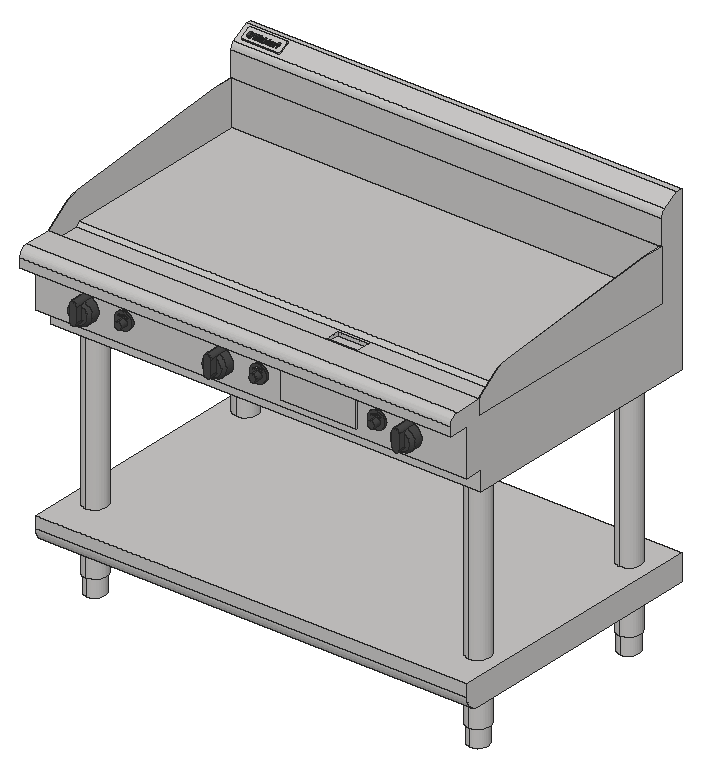
Revit family "QF_MOFFAT WALDORF_GP8120G-LS", category Specialty Equipment, Revit 2012
Parameters
  Width [instance] = 47.24409"  # constant formula
  Weight in Pounds = 432.1055  # constant formula
  URL Cutsheet = "www.moffat.com"
  URL = "www.moffat.com"
  Type Mark [instance] = ""
  Status [instance] = ""
  Specification by User [instance] = ""
  Specification by Manufacturer = ""
  Show Logo [instance] = yes
  Show Casters [instance] = no
  Serial Number = ""
  Seismic Rating = ""
  SMACNA No = ""
  Revision Code [instance] = ""
  Omniclass Number and Title = ""
  NAFEM Spec ID Number = ""
  Model = "GP8120G-LS"
  Mechanical Remarks [instance] = ""
  Mechanical Connection Type [instance] = ""
  Masterspec = ""
  Manufacturer = "MOFFAT WALDORF"
  Legs [instance] = not(Show Casters)  # yes
  Item Number [instance] = ""
  Installed By [instance] = ""
  Identify Quantity as Lot [instance] = yes
  Height [instance] = 20.86614"  # constant formula
  Gas Size = 3/4"
  Gas RI Height [instance] = 0"
  Gas KW [instance] = 30
  Gas Input [instance] = 102364.0 Btu/h
  Gas Connection Height = 0"
  Furnished By [instance] = ""
  Foodservice Equipment Identifier [instance] = yes
  Description = "GRIDDLE PLATE GAS ON LEG STAND"
  Depth [instance] = 31.69291"  # constant formula
  CSI MasterFormat = ""
  CSI Master Format = ""
  Base Height [instance] = 5.90551"
Reference planes (in)
  plane 1 "BACK": y = 0
  plane 2: z = 0
  plane 3 "LEFT": x = 0
  plane 4 "RIGHT": x = 47.24409
  plane 5 "FRONT": y = -31.69291
  plane 6 "TOP": z = 44.48819
  plane 7 "Center Y": x = 23.62205
  plane 8 "Center X": y = -15.84646
  plane 9 "Base Height": z = 5.90551
  plane 10: x = 2.55906
  plane 11: x = 44.64567
  plane 12: z = 36.02362
  plane 13: z = 25.7874
  plane 14: x = 42.12598
Forms (in)
  Extrusion 1, solid, material "QF_Finishes_Stainless Steel"
    sketch origin (0, 0, 0) x (0, 1, 0) y (0, 0, 1)
      loop
        line (-31.69291, 35.07874) -> (-31.69291, 34.09449) -> (-29.48819, 34.09449) -> (-29.48819, 28.93701) -> (-27.51969, 28.93701) -> (-27.51969, 26.77165) -> (0, 26.77165) -> (0, 44.48819) -> (-0.64961, 44.48819) -> (-2.31138, 43.52877)
        arc (-2.31138, 43.52877) -> (-2.63679, 43.20335) -> (-2.75591, 42.75882) r 0.88906
        line (-2.75591, 42.75882) -> (-2.75591, 34.44882) -> (-27.75591, 34.44882) -> (-27.75591, 36.02362) -> (-30.74803, 36.02362)
        arc (-30.74803, 36.02362) -> (-31.41616, 35.74687) -> (-31.69291, 35.07874) r 0.94488
      loop
        line (0, 8.75984) -> (-29.48819, 8.75984) -> (-29.48819, 7.40157)
        arc (-29.48819, 7.40157) -> (-29.05, 6.3437) -> (-27.99213, 5.90551) r 1.49606
        line (-27.99213, 5.90551) -> (0, 5.90551) -> (0, 8.75984)
    from 0 to 47.24409
  Extrusion 2, solid, material "QF_Finishes_Stainless Steel"
    sketch origin (27.80512, 0.11811, 1.1811) x (1, 0, 0) y (0, 1, 0)
      loop
        circle (14.33071, -1.37795) r 0.5315
    from 24.6063 to 25.59055
  Revolve 3, solid, material "QF_Finishes_Black"
    sketch origin (5.90551, 0, 20.86116) x (0, 1, 0) y (0, 0, -1)
      loop
        line (-30.7874, -11.79134) -> (-29.88189, -11.79134) -> (-29.88189, -10.70866) -> (-29.48819, -10.70866) -> (-29.48819, -10.51181) -> (-31.22047, -10.51181) -> (-31.22047, -11.56107) -> (-30.7874, -11.79134)
      axis (-31.22047, -10.51181) -> (-29.48819, -10.51181)
    angle from 0 to 360
  Extrusion 4, solid, material "QF_Finishes_Black"
    sketch origin (11.34919, 0, 20.86737) x (-1, 0, 0) y (0, 0, -1)
      loop
        arc (5.83735, -10.03814) -> (5.44365, -9.64444) -> (5.04995, -10.03814) r 0.3937
        line (5.04995, -10.03814) -> (5.04995, -11.57357)
        arc (5.04995, -11.57357) -> (5.44365, -11.96727) -> (5.83735, -11.57357) r 0.3937
        line (5.83735, -11.57357) -> (5.83735, -10.03814)
    from 29.88189 to 31.81102
  Extrusion 5, solid, material "QF_Finishes_Stainless Steel"
    sketch origin (1.68504, -29.48819, 34.09449) x (0, 0, -1) y (1, 0, 0)
      loop
        line (1.04331, 25.19685) -> (4.4685, 25.19685) -> (4.4685, 33.46457) -> (1.04331, 33.46457) -> (1.04331, 25.19685)
    from 0 to 0.09843
  Extrusion 6, solid, material "QF_Finishes_Stainless Steel"
    sketch origin (1.68504, -29.58661, 34.09449) x (0, 0, -1) y (1, 0, 0)
      loop
        line (1.3189, 33.46457) -> (1.04331, 33.46457) -> (1.04331, 25.19685) -> (1.3189, 25.19685) -> (1.3189, 33.46457)
    from 0 to 0.19685
  Extrusion 7, solid, material "QF_Finishes_Black"
    sketch origin (0, -29.48819, 34.09449) x (0, 0, -1) y (1, 0, 0)
      loop
        circle (2.70669, 9.74409) r 0.94488
      loop
        arc (2.31694, 10.33124) -> (2.00055, 9.749) -> (2.30836, 9.16218) r 0.70345
        arc (2.30836, 9.16218) -> (2.32725, 9.15095) -> (2.34753, 9.15943) r 0.02445
        arc (2.34753, 9.15943) -> (2.40409, 9.26016) -> (2.41764, 9.37489) r 0.29507
        arc (2.41764, 9.37489) -> (2.4096, 9.41142) -> (2.39196, 9.44439) r 0.1367
        arc (2.39196, 9.44439) -> (2.30175, 9.73823) -> (2.38559, 10.03395) r 0.54277
        arc (2.38559, 10.03395) -> (2.41079, 10.08392) -> (2.42122, 10.13891) r 0.20083
        arc (2.42122, 10.13891) -> (2.40663, 10.23806) -> (2.35565, 10.32436) r 0.26029
        arc (2.35565, 10.32436) -> (2.33749, 10.33451) -> (2.31694, 10.33124) r 0.03175
    from 0 to 0.19685
  Extrusion 8, solid, material "QF_Finishes_Black"
    sketch origin (0, -29.68504, 34.09449) x (0, 0, -1) y (1, 0, 0)
      loop
        circle (2.84449, 9.74409) r 0.3937
    from 0 to 0.71853
  Revolve 9, solid, material "QF_Finishes_Black"
    sketch origin (41.33858, 0, 20.86116) x (0, 1, 0) y (0, 0, 1)
      loop
        line (-30.7874, 11.79134) -> (-31.22047, 11.56107) -> (-31.22047, 10.51181) -> (-29.48819, 10.51181) -> (-29.48819, 10.70866) -> (-29.88189, 10.70866) -> (-29.88189, 11.79134) -> (-30.7874, 11.79134)
      axis (-31.22047, 10.51181) -> (-29.48819, 10.51181)
    angle from 0 to 360
  Extrusion 10, solid, material "QF_Finishes_Black"
    sketch origin (35.8949, 0, 20.86737) x (1, 0, 0) y (0, 0, 1)
      loop
        line (5.83735, 10.03814) -> (5.83735, 11.57357)
        arc (5.83735, 11.57357) -> (5.44365, 11.96727) -> (5.04995, 11.57357) r 0.3937
        line (5.04995, 11.57357) -> (5.04995, 10.03814)
        arc (5.04995, 10.03814) -> (5.44365, 9.64444) -> (5.83735, 10.03814) r 0.3937
    from 29.88189 to 31.81102
  Extrusion 11, solid, material "QF_Finishes_Black"
    sketch origin (47.24409, -29.48819, 34.09449) x (0, 0, -1) y (1, 0, 0)
      loop
        circle (2.70669, -9.74409) r 0.94488
      loop
        arc (2.31694, -10.33124) -> (2.33749, -10.33451) -> (2.35565, -10.32436) r 0.03175
        arc (2.35565, -10.32436) -> (2.40663, -10.23806) -> (2.42122, -10.13891) r 0.26029
        arc (2.42122, -10.13891) -> (2.41079, -10.08392) -> (2.38559, -10.03395) r 0.20083
        arc (2.38559, -10.03395) -> (2.30175, -9.73823) -> (2.39196, -9.44439) r 0.54277
        arc (2.39196, -9.44439) -> (2.4096, -9.41142) -> (2.41764, -9.37489) r 0.1367
        arc (2.41764, -9.37489) -> (2.40409, -9.26016) -> (2.34753, -9.15943) r 0.29507
        arc (2.34753, -9.15943) -> (2.32725, -9.15095) -> (2.30836, -9.16218) r 0.02445
        arc (2.30836, -9.16218) -> (2.00055, -9.749) -> (2.31694, -10.33124) r 0.70345
    from 0 to 0.19685
  Extrusion 12, solid, material "QF_Finishes_Black"
    sketch origin (47.24409, -29.68504, 34.09449) x (0, 0, -1) y (1, 0, 0)
      loop
        circle (2.84449, -9.74409) r 0.3937
    from 0 to 0.71853
  Revolve 13, solid, material "QF_Finishes_Black"
    sketch origin (20.66929, 0, 20.86116) x (0, 1, 0) y (0, 0, -1)
      loop
        line (-30.7874, -11.79134) -> (-29.88189, -11.79134) -> (-29.88189, -10.70866) -> (-29.48819, -10.70866) -> (-29.48819, -10.51181) -> (-31.22047, -10.51181) -> (-31.22047, -11.56107) -> (-30.7874, -11.79134)
      axis (-31.22047, -10.51181) -> (-29.48819, -10.51181)
    angle from 0 to 360
  Extrusion 14, solid, material "QF_Finishes_Black"
    sketch origin (26.11297, 0, 20.86737) x (-1, 0, 0) y (0, 0, -1)
      loop
        arc (5.83735, -10.03814) -> (5.44365, -9.64444) -> (5.04995, -10.03814) r 0.3937
        line (5.04995, -10.03814) -> (5.04995, -11.57357)
        arc (5.04995, -11.57357) -> (5.44365, -11.96727) -> (5.83735, -11.57357) r 0.3937
        line (5.83735, -11.57357) -> (5.83735, -10.03814)
    from 29.88189 to 31.81102
  Extrusion 15, solid, material "QF_Finishes_Black"
    sketch origin (14.76378, -29.48819, 34.09449) x (0, 0, -1) y (1, 0, 0)
      loop
        circle (2.70669, 9.74409) r 0.94488
      loop
        arc (2.31694, 10.33124) -> (2.00055, 9.749) -> (2.30836, 9.16218) r 0.70345
        arc (2.30836, 9.16218) -> (2.32725, 9.15095) -> (2.34753, 9.15943) r 0.02445
        arc (2.34753, 9.15943) -> (2.40409, 9.26016) -> (2.41764, 9.37489) r 0.29507
        arc (2.41764, 9.37489) -> (2.4096, 9.41142) -> (2.39196, 9.44439) r 0.1367
        arc (2.39196, 9.44439) -> (2.30175, 9.73823) -> (2.38559, 10.03395) r 0.54277
        arc (2.38559, 10.03395) -> (2.41079, 10.08392) -> (2.42122, 10.13891) r 0.20083
        arc (2.42122, 10.13891) -> (2.40663, 10.23806) -> (2.35565, 10.32436) r 0.26029
        arc (2.35565, 10.32436) -> (2.33749, 10.33451) -> (2.31694, 10.33124) r 0.03175
    from 0 to 0.19685
  Extrusion 16, solid, material "QF_Finishes_Black"
    sketch origin (14.76378, -29.68504, 34.09449) x (0, 0, -1) y (1, 0, 0)
      loop
        circle (2.84449, 9.74409) r 0.3937
    from 0 to 0.71853
  Revolve 17, solid, material "QF_Finishes_Stainless Steel", visible <- "Legs"
    sketch origin (44.6063, -8.26772, 0) x (0, 1, 0) y (0, 0, -1)
      loop
        line (3.08071, -5.90551) -> (4.33071, -5.90551) -> (4.33071, 0) -> (3.24803, 0) -> (3.24803, -1.9685) -> (3.08071, -1.9685) -> (3.08071, -5.90551)
      axis (4.33071, -5.90551) -> (4.33071, 0)
    angle from 0 to 360
  Revolve 18, solid, material "QF_Finishes_Stainless Steel"
    sketch origin (44.6063, -28.93701, 0) x (0, 1, 0) y (0, 0, -1)
      loop
        line (3.08071, -5.90551) -> (4.33071, -5.90551) -> (4.33071, 0) -> (3.24803, 0) -> (3.24803, -1.9685) -> (3.08071, -1.9685) -> (3.08071, -5.90551)
      axis (4.33071, -5.90551) -> (4.33071, 0)
    angle from 0 to 360
  Revolve 19, solid, material "QF_Finishes_Stainless Steel", visible <- "Legs"
    sketch origin (2.55906, -8.26772, 0) x (0, 1, 0) y (0, 0, -1)
      loop
        line (3.08071, -5.90551) -> (4.33071, -5.90551) -> (4.33071, 0) -> (3.24803, 0) -> (3.24803, -1.9685) -> (3.08071, -1.9685) -> (3.08071, -5.90551)
      axis (4.33071, -5.90551) -> (4.33071, 0)
    angle from 0 to 360
  Revolve 20, solid, material "QF_Finishes_Stainless Steel"
    sketch origin (2.55906, -28.93701, 0) x (0, 1, 0) y (0, 0, -1)
      loop
        line (3.08071, -5.90551) -> (4.33071, -5.90551) -> (4.33071, 0) -> (3.24803, 0) -> (3.24803, -1.9685) -> (3.08071, -1.9685) -> (3.08071, -5.90551)
      axis (4.33071, -5.90551) -> (4.33071, 0)
    angle from 0 to 360
  Extrusion 21, solid, material "QF_Finishes_Stainless Steel"
    sketch origin (0, -27.51969, 8.75984) x (0, -1, 0) y (1, 0, 0)
      loop
        circle (-23.58268, 2.55906) r 1.25
      loop
        circle (-2.91339, 2.55906) r 1.25
      loop
        circle (-23.58268, 44.61122) r 1.25
      loop
        circle (-2.91339, 44.59892) r 1.25
    from 0 to 18.01181
Lines and regions (in)
  Split face 1
    outline origin (1.93159, -0.77746, 44.41437) x (0, -0.866025, -0.5) y (1, 0, 0)
      loop
        line (0.0562, 4.15354) -> (1.41087, 4.15354) -> (1.41087, 4.94094) -> (0.0562, 4.94094) -> (0.0562, 4.15354)
  Split face 2
    outline origin (3.9001, -0.77746, 44.41437) x (0, -0.866025, -0.5) y (1, 0, 0)
      loop
        line (0.0562, 4.15354) -> (1.41087, 4.15354) -> (1.41087, 4.94094) -> (0.0562, 4.94094) -> (0.0562, 4.15354)
  Split face 3
    outline origin (5.8686, -0.77746, 44.41437) x (0, -0.866025, -0.5) y (1, 0, 0)
      loop
        line (0.0562, 4.15354) -> (1.41087, 4.15354) -> (1.41087, 4.94094) -> (0.0562, 4.94094) -> (0.0562, 4.15354)
  Split face 4
    outline origin (7.83711, -0.77746, 44.41437) x (0, -0.866025, -0.5) y (1, 0, 0)
      loop
        line (0.0562, 4.15354) -> (1.41087, 4.15354) -> (1.41087, 4.94094) -> (0.0562, 4.94094) -> (0.0562, 4.15354)
  Split face 5
    outline origin (9.80561, -0.77746, 44.41437) x (0, -0.866025, -0.5) y (1, 0, 0)
      loop
        line (0.0562, 4.15354) -> (1.41087, 4.15354) -> (1.41087, 4.94094) -> (0.0562, 4.94094) -> (0.0562, 4.15354)
  Split face 6
    outline origin (11.77411, -0.77746, 44.41437) x (0, -0.866025, -0.5) y (1, 0, 0)
      loop
        line (0.0562, 4.15354) -> (1.41087, 4.15354) -> (1.41087, 4.94094) -> (0.0562, 4.94094) -> (0.0562, 4.15354)
  Split face 7
    outline origin (2.03002, -0.77746, 44.41437) x (0, -0.866025, -0.5) y (1, 0, 0)
      loop
        line (0.0562, 15.96457) -> (1.41087, 15.96457) -> (1.41087, 16.75197) -> (0.0562, 16.75197) -> (0.0562, 15.96457)
  Split face 8
    outline origin (3.99852, -0.77746, 44.41437) x (0, -0.866025, -0.5) y (1, 0, 0)
      loop
        line (0.0562, 15.96457) -> (1.41087, 15.96457) -> (1.41087, 16.75197) -> (0.0562, 16.75197) -> (0.0562, 15.96457)
  Split face 9
    outline origin (5.96703, -0.77746, 44.41437) x (0, -0.866025, -0.5) y (1, 0, 0)
      loop
        line (0.0562, 15.96457) -> (1.41087, 15.96457) -> (1.41087, 16.75197) -> (0.0562, 16.75197) -> (0.0562, 15.96457)
  Split face 10
    outline origin (7.93553, -0.77746, 44.41437) x (0, -0.866025, -0.5) y (1, 0, 0)
      loop
        line (0.0562, 15.96457) -> (1.41087, 15.96457) -> (1.41087, 16.75197) -> (0.0562, 16.75197) -> (0.0562, 15.96457)
  Split face 11
    outline origin (9.90404, -0.77746, 44.41437) x (0, -0.866025, -0.5) y (1, 0, 0)
      loop
        line (0.0562, 15.96457) -> (1.41087, 15.96457) -> (1.41087, 16.75197) -> (0.0562, 16.75197) -> (0.0562, 15.96457)
  Split face 12
    outline origin (11.87254, -0.77746, 44.41437) x (0, -0.866025, -0.5) y (1, 0, 0)
      loop
        line (0.0562, 15.96457) -> (1.41087, 15.96457) -> (1.41087, 16.75197) -> (0.0562, 16.75197) -> (0.0562, 15.96457)
  Split face 13
    outline origin (13.84104, -0.77746, 44.41437) x (0, -0.866025, -0.5) y (1, 0, 0)
      loop
        line (0.0562, 15.96457) -> (1.41087, 15.96457) -> (1.41087, 16.75197) -> (0.0562, 16.75197) -> (0.0562, 15.96457)
  Split face 14
    outline origin (15.83899, -0.77746, 44.41437) x (0, -0.866025, -0.5) y (1, 0, 0)
      loop
        line (0.0562, 15.96457) -> (1.41087, 15.96457) -> (1.41087, 16.75197) -> (0.0562, 16.75197) -> (0.0562, 15.96457)
  Split face 15
    outline origin (17.8075, -0.77746, 44.41437) x (0, -0.866025, -0.5) y (1, 0, 0)
      loop
        line (0.0562, 15.96457) -> (1.41087, 15.96457) -> (1.41087, 16.75197) -> (0.0562, 16.75197) -> (0.0562, 15.96457)
  symbolic lines, visible <- "Show Logo"
    curve 1: line (0.49213, -2.04962, 0) -> (0.49213, -0.83067, 0)
    curve 2: line (4.78346, -0.83067, 0) -> (4.78346, -2.04962, 0)
    curve 3: line (0.49213, -0.83067, 0) -> (4.78346, -0.83067, 0)
    curve 4: line (0.49213, -2.04962, 0) -> (4.78346, -2.04962, 0)
  symbolic lines
    curve 5: line (6.08514, -1.99931, 0) -> (6.08514, -0.82613, 0)
    curve 6: line (6.08514, -0.82613, 0) -> (6.87254, -0.82613, 0)
    curve 7: line (6.87254, -0.82613, 0) -> (6.87254, -1.99931, 0)
    curve 8: line (6.87254, -1.99931, 0) -> (6.08514, -1.99931, 0)
    curve 9: line (8.05364, -0.82613, 0) -> (8.05364, -1.99931, 0)
    curve 10: line (8.05364, -1.99931, 0) -> (8.84104, -1.99931, 0)
    curve 11: line (8.84104, -1.99931, 0) -> (8.84104, -0.82613, 0)
    curve 12: line (8.84104, -0.82613, 0) -> (8.05364, -0.82613, 0)
    curve 13: line (10.02215, -0.82613, 0) -> (10.02215, -1.99931, 0)
    curve 14: line (10.02215, -1.99931, 0) -> (10.80955, -1.99931, 0)
    curve 15: line (10.80955, -1.99931, 0) -> (10.80955, -0.82613, 0)
    curve 16: line (10.80955, -0.82613, 0) -> (10.02215, -0.82613, 0)
    curve 17: line (0, -31.69291, 0) -> (47.24409, -31.69291, 0)
    curve 18: line (0, 0, 0) -> (0, -31.69291, 0)
    curve 19: line (47.24409, 0, 0) -> (0, 0, 0)
    curve 20: line (0, -2.75591, 0) -> (47.24409, -2.75591, 0)
    curve 21: line (47.24409, -27.75591, 0) -> (0, -27.75591, 0)
    curve 22: line (11.99065, -0.82613, 0) -> (11.99065, -1.99931, 0)
    curve 23: line (11.99065, -1.99931, 0) -> (12.77805, -1.99931, 0)
    curve 24: line (12.77805, -1.99931, 0) -> (12.77805, -0.82613, 0)
    curve 25: line (12.77805, -0.82613, 0) -> (11.99065, -0.82613, 0)
    curve 26: line (13.95915, -0.82613, 0) -> (13.95915, -1.99931, 0)
    curve 27: line (13.95915, -1.99931, 0) -> (14.74656, -1.99931, 0)
    curve 28: line (14.74656, -1.99931, 0) -> (14.74656, -0.82613, 0)
    curve 29: line (14.74656, -0.82613, 0) -> (13.95915, -0.82613, 0)
    curve 30: line (15.92766, -0.82613, 0) -> (15.92766, -1.99931, 0)
    curve 31: line (15.92766, -1.99931, 0) -> (16.71506, -1.99931, 0)
    curve 32: line (16.71506, -1.99931, 0) -> (16.71506, -0.82613, 0)
    curve 33: line (16.71506, -0.82613, 0) -> (15.92766, -0.82613, 0)
    curve 34: line (17.99459, -0.82613, 0) -> (17.99459, -1.99931, 0)
    curve 35: line (17.99459, -1.99931, 0) -> (18.78199, -1.99931, 0)
    curve 36: line (18.78199, -1.99931, 0) -> (18.78199, -0.82613, 0)
    curve 37: line (18.78199, -0.82613, 0) -> (17.99459, -0.82613, 0)
    curve 38: line (19.96309, -0.82613, 0) -> (19.96309, -1.99931, 0)
    curve 39: line (19.96309, -1.99931, 0) -> (20.75049, -1.99931, 0)
    curve 40: line (20.75049, -1.99931, 0) -> (20.75049, -0.82613, 0)
    curve 41: line (20.75049, -0.82613, 0) -> (19.96309, -0.82613, 0)
    curve 42: line (21.93159, -1.99931, 0) -> (22.719, -1.99931, 0)
    curve 43: line (22.719, -1.99931, 0) -> (22.719, -0.82613, 0)
    curve 44: line (22.719, -0.82613, 0) -> (21.93159, -0.82613, 0)
    curve 45: line (21.93159, -0.82613, 0) -> (21.93159, -1.99931, 0)
    curve 46: line (23.9001, -1.99931, 0) -> (24.6875, -1.99931, 0)
    curve 47: line (24.6875, -1.99931, 0) -> (24.6875, -0.82613, 0)
    curve 48: line (24.6875, -0.82613, 0) -> (23.9001, -0.82613, 0)
    curve 49: line (23.9001, -0.82613, 0) -> (23.9001, -1.99931, 0)
    curve 50: line (26.656, -1.99931, 0) -> (25.8686, -1.99931, 0)
    curve 51: line (25.8686, -1.99931, 0) -> (25.8686, -0.82613, 0)
    curve 52: line (25.8686, -0.82613, 0) -> (26.656, -0.82613, 0)
    curve 53: line (26.656, -0.82613, 0) -> (26.656, -1.99931, 0)
    curve 54: line (27.83711, -1.99931, 0) -> (28.62451, -1.99931, 0)
    curve 55: line (28.62451, -1.99931, 0) -> (28.62451, -0.82613, 0)
    curve 56: line (28.62451, -0.82613, 0) -> (27.83711, -0.82613, 0)
    curve 57: line (27.83711, -0.82613, 0) -> (27.83711, -1.99931, 0)
    curve 58: line (29.80561, -1.99931, 0) -> (30.59301, -1.99931, 0)
    curve 59: line (30.59301, -1.99931, 0) -> (30.59301, -0.82613, 0)
    curve 60: line (30.59301, -0.82613, 0) -> (29.80561, -0.82613, 0)
    curve 61: line (29.80561, -0.82613, 0) -> (29.80561, -1.99931, 0)
    curve 62: line (31.80356, -1.99931, 0) -> (32.59096, -1.99931, 0)
    curve 63: line (32.59096, -1.99931, 0) -> (32.59096, -0.82613, 0)
    curve 64: line (32.59096, -0.82613, 0) -> (31.80356, -0.82613, 0)
    curve 65: line (31.80356, -0.82613, 0) -> (31.80356, -1.99931, 0)
    curve 66: line (33.77207, -1.99931, 0) -> (34.55947, -1.99931, 0)
    curve 67: line (34.55947, -1.99931, 0) -> (34.55947, -0.82613, 0)
    curve 68: line (34.55947, -0.82613, 0) -> (33.77207, -0.82613, 0)
    curve 69: line (33.77207, -0.82613, 0) -> (33.77207, -1.99931, 0)
    curve 70: line (47.24409, -31.69291, 0) -> (47.24409, 0, 0)
Dimensions and locks (in)
  equal spacing: plane 3 "LEFT", plane 7 "Center Y", plane 4 "RIGHT"
  "Width": plane 3 "LEFT" to plane 4 "RIGHT"
  equal spacing: plane 5 "FRONT", plane 8 "Center X", plane 1 "BACK"
  "Depth": plane 5 "FRONT" to plane 1 "BACK"
  "Base Height": plane 9 "Base Height" to level
  plane 6 "TOP" to level = 44.48819"
  plane 11 to plane 10 = 42.08661"
  plane 12 to level = 36.02362"
  plane 13 to level = 25.7874"
  plane 14 to plane 4 "RIGHT" = 5.11811"
  aligned and locked: level to plane 2
Automatic sketch dimensions
  curve 17 to plane 3 "LEFT" = 0"
  plane 1 "BACK" to curve 19 = 0"
  curve 19 to plane 4 "RIGHT" = 0"
  plane 5 "FRONT" to curve 17 = 0"
  plane 3 "LEFT" to curve 1 = 0.49213"
  plane 10 to curve 4 = 2.22441"
  curve 2 to curve 6 = 1.30167"
  curve 5 to curve 8 = 0.7874"
  curve 6 to curve 12 = 1.1811"
  curve 9 to curve 10 = 0.7874"
  curve 11 to curve 16 = 1.1811"
  curve 13 to curve 15 = 0.7874"
  curve 15 to curve 22 = 1.1811"
  curve 22 to curve 24 = 0.7874"
  curve 23 to curve 26 = 1.1811"
  curve 26 to curve 27 = 0.7874"
  curve 27 to curve 30 = 1.1811"
  curve 30 to curve 32 = 0.7874"
  curve 31 to curve 34 = 1.27953"
  curve 34 to curve 35 = 0.7874"
  curve 36 to curve 38 = 1.1811"
  curve 38 to curve 41 = 0.7874"
  curve 39 to curve 42 = 1.1811"
  curve 44 to curve 43 = 0.7874"
  plane 7 "Center Y" to curve 48 = 0.27805"
  curve 46 to curve 46 = 0.7874"
  curve 47 to curve 52 = 1.1811"
  curve 51 to curve 53 = 0.7874"
  curve 50 to curve 54 = 1.1811"
  curve 56 to curve 56 = 0.7874"
  curve 55 to curve 61 = 1.1811"
  curve 58 to curve 58 = 0.7874"
  curve 58 to curve 62 = 1.21055"
  curve 62 to curve 62 = 0.7874"
  curve 63 to curve 68 = 1.1811"
  curve 66 to curve 66 = 0.7874"
  curve 21 to plane 5 "FRONT" = 3.93701"
  curve 20 to curve 19 = 2.75591"
  plane 1 "BACK" to curve 2 = 2.04962"
  plane 1 "BACK" to curve 7 = 1.99931"
  plane 1 "BACK" to curve 59 = 1.99931"
  curve 7 to curve 9 = 0"
  curve 57 to curve 58 = 0"
  curve 10 to curve 13 = 0"
  curve 53 to curve 54 = 0"
  curve 58 to curve 62 = 0"
  curve 62 to curve 66 = 0"
  curve 49 to curve 50 = 0"
  curve 14 to curve 22 = 0"
  curve 45 to curve 46 = 0"
  curve 23 to curve 26 = 0"
  curve 40 to curve 42 = 0"
  curve 27 to curve 30 = 0"
  curve 36 to curve 38 = 0"
  plane 1 "BACK" to curve 2 = 0.83067"
  plane 1 "BACK" to curve 33 = 0.82613"
  plane 1 "BACK" to curve 40 = 0.82613"
  plane 1 "BACK" to curve 29 = 0.82613"
  plane 1 "BACK" to curve 43 = 0.82613"
  plane 1 "BACK" to curve 25 = 0.82613"
  plane 1 "BACK" to curve 47 = 0.82613"
  plane 1 "BACK" to curve 69 = 0.82613"
  plane 1 "BACK" to curve 52 = 0.82613"
  plane 1 "BACK" to curve 16 = 0.82613"
  plane 1 "BACK" to curve 55 = 0.82613"
  plane 1 "BACK" to curve 12 = 0.82613"
  plane 1 "BACK" to curve 59 = 0.82613"
  plane 1 "BACK" to curve 7 = 0.82613"
  plane 1 "BACK" to curve 63 = 0.82613"
  plane 1 "BACK" to curve 37 = 0.82613"
  plane 1 "BACK" to Extrusion 2 sketch curve = 1.25984"
  plane 11 to Extrusion 2 sketch curve = 2.50984"
  Revolve 3 sketch curve to plane 5 "FRONT" = 0.47244"
  Revolve 3 sketch curve to Revolve 3 sketch curve = 0"  (x2)
  Revolve 3 sketch curve to Revolve 3 sketch curve = 0.43307"
  Revolve 3 sketch curve to Revolve 3 sketch curve = 1/2"
  Revolve 3 sketch curve to Revolve 3 sketch curve = 0.90551"
  Revolve 3 sketch curve to Revolve 3 sketch curve = 0.3937"
  Revolve 3 sketch curve to plane 6 "TOP" = 11.83569"
  Revolve 3 sketch curve to Revolve 3 sketch curve = 0.23027"
  Revolve 3 sketch curve to Revolve 3 sketch curve = 1.08268"
  Revolve 3 sketch curve to Revolve 3 sketch curve = 0.19685"
  plane 10 to Extrusion 4 sketch curve = 3.74019"
  Extrusion 4 sketch curve to Extrusion 4 sketch curve = 0.3937"
  Extrusion 4 sketch curve to plane 6 "TOP" = 12.04724"
  Extrusion 4 sketch curve to Extrusion 4 sketch curve = 1.53543"
  Extrusion 1 to Split face 1 sketch curve = 0.20384"
  Split face 1 sketch curve to Extrusion 1 = 0.36034"
  Split face 1 sketch curve to Extrusion 1 = 6.08514"
  Split face 1 sketch curve to Split face 1 sketch curve = 0.7874"
  Extrusion 1 to Split face 2 sketch curve = 0.20384"
  Split face 2 sketch curve to Extrusion 1 = 0.36034"
  Split face 2 sketch curve to Extrusion 1 = 8.05364"
  Split face 2 sketch curve to Split face 2 sketch curve = 0.7874"
  Extrusion 1 to Split face 3 sketch curve = 0.20384"
  Split face 3 sketch curve to Extrusion 1 = 0.36034"
  Split face 3 sketch curve to Extrusion 1 = 10.02215"
  Split face 3 sketch curve to Split face 3 sketch curve = 0.7874"
  Extrusion 1 to Extrusion 5 sketch curve = 1.04331"
  Extrusion 5 sketch curve to Extrusion 1 = 0.68898"
  Extrusion 1 to Extrusion 5 sketch curve = 20.3622"
  Extrusion 5 sketch curve to Extrusion 5 sketch curve = 8.26772"
  Extrusion 6 sketch curve to Extrusion 5 = 0"  (x2)
  Extrusion 5 to Extrusion 6 sketch curve = 0"
  Extrusion 6 sketch curve to Extrusion 6 sketch curve = 0.27559"
  Extrusion 1 to Extrusion 7 sketch curve = 2.1235"
  Extrusion 7 sketch curve to Extrusion 7 sketch curve = 0.03772"
  Extrusion 7 sketch curve to Extrusion 7 sketch curve = 0.0594"
  Extrusion 7 sketch curve to Extrusion 7 sketch curve = 0.15788"
  Extrusion 7 sketch curve to Extrusion 7 sketch curve = 0.02698"
  Extrusion 7 sketch curve to Extrusion 7 sketch curve = 0.09632"
  Extrusion 7 sketch curve to Extrusion 7 sketch curve = 0.02061"
  Extrusion 7 sketch curve to Extrusion 7 sketch curve = 0.015"
  Extrusion 7 sketch curve to Extrusion 7 sketch curve = 0.01857"
  Extrusion 7 sketch curve to Extrusion 7 sketch curve = 0"  (x5)
  Extrusion 7 sketch curve to Extrusion 7 sketch curve = 0.02372"
  Extrusion 7 sketch curve to Extrusion 7 sketch curve = 0.16497"
  Extrusion 7 sketch curve to Extrusion 7 sketch curve = 0.11058"
  Extrusion 7 sketch curve to Extrusion 7 sketch curve = 0.02568"
  Extrusion 7 sketch curve to Extrusion 7 sketch curve = 0.03563"
  Extrusion 7 sketch curve to Extrusion 7 sketch curve = 0.31839"
  Extrusion 7 sketch curve to Extrusion 7 sketch curve = 0.00271"
  Extrusion 7 sketch curve to Extrusion 7 sketch curve = 0.1378"
  Extrusion 1 to Extrusion 7 sketch curve = 9.15943"
  Extrusion 7 sketch curve to Extrusion 7 sketch curve = 0.00276"
  Extrusion 7 sketch curve to Extrusion 7 sketch curve = 0.29944"
  Extrusion 7 sketch curve to Extrusion 7 sketch curve = 0.00026"
  Extrusion 1 to Split face 4 sketch curve = 0.20384"
  Split face 4 sketch curve to Extrusion 1 = 0.36034"
  Split face 4 sketch curve to Extrusion 1 = 11.99065"
  Split face 4 sketch curve to Split face 4 sketch curve = 0.7874"
  Extrusion 1 to Split face 5 sketch curve = 0.20384"
  Split face 5 sketch curve to Extrusion 1 = 0.36034"
  Split face 5 sketch curve to Extrusion 1 = 13.95915"
  Split face 5 sketch curve to Split face 5 sketch curve = 0.7874"
  Extrusion 1 to Split face 6 sketch curve = 0.20384"
  Split face 6 sketch curve to Extrusion 1 = 0.36034"
  Split face 6 sketch curve to Extrusion 1 = 15.92766"
  Split face 6 sketch curve to Split face 6 sketch curve = 0.7874"
  Extrusion 1 to Split face 7 sketch curve = 0.20384"
  Split face 7 sketch curve to Extrusion 1 = 0.36034"
  Split face 7 sketch curve to Extrusion 1 = 17.99459"
  Split face 7 sketch curve to Split face 7 sketch curve = 0.7874"
  Extrusion 1 to Split face 8 sketch curve = 0.20384"
  Split face 8 sketch curve to Extrusion 1 = 0.36034"
  Split face 8 sketch curve to Extrusion 1 = 19.96309"
  Split face 8 sketch curve to Split face 8 sketch curve = 0.7874"
  Extrusion 1 to Split face 9 sketch curve = 0.20384"
  Split face 9 sketch curve to Extrusion 1 = 0.36034"
  Split face 9 sketch curve to Extrusion 1 = 21.93159"
  Split face 9 sketch curve to Split face 9 sketch curve = 0.7874"
  Extrusion 1 to Split face 10 sketch curve = 0.20384"
  Split face 10 sketch curve to Extrusion 1 = 0.36034"
  Split face 10 sketch curve to Extrusion 1 = 23.344"
  Split face 10 sketch curve to Split face 10 sketch curve = 0.7874"
  Extrusion 1 to Split face 11 sketch curve = 0.20384"
  Split face 11 sketch curve to Extrusion 1 = 0.36034"
  Split face 11 sketch curve to Extrusion 1 = 21.37549"
  Split face 11 sketch curve to Split face 11 sketch curve = 0.7874"
  Revolve 9 sketch curve to plane 5 "FRONT" = 0.47244"
  Revolve 9 sketch curve to Revolve 9 sketch curve = 0"  (x2)
  Revolve 9 sketch curve to Revolve 9 sketch curve = 0.43307"
  Revolve 9 sketch curve to Revolve 9 sketch curve = 1/2"
  Revolve 9 sketch curve to Revolve 9 sketch curve = 0.90551"
  Revolve 9 sketch curve to Revolve 9 sketch curve = 0.3937"
  Revolve 9 sketch curve to plane 6 "TOP" = 13.11522"
  Revolve 9 sketch curve to Revolve 9 sketch curve = 0.19685"
  Revolve 9 sketch curve to Revolve 9 sketch curve = 1.04926"
  Revolve 9 sketch curve to Revolve 9 sketch curve = 0.23027"
  plane 11 to Extrusion 10 sketch curve = 3.70082"
  Extrusion 10 sketch curve to Extrusion 10 sketch curve = 0.3937"
  Extrusion 10 sketch curve to plane 6 "TOP" = 13.58268"
  Extrusion 10 sketch curve to Extrusion 10 sketch curve = 1.53543"
  Extrusion 1 to Extrusion 11 sketch curve = 2.1235"
  Extrusion 11 sketch curve to Extrusion 11 sketch curve = 0.03772"
  Extrusion 11 sketch curve to Extrusion 11 sketch curve = 0.0594"
  Extrusion 11 sketch curve to Extrusion 11 sketch curve = 0.15788"
  Extrusion 11 sketch curve to Extrusion 11 sketch curve = 0.02698"
  Extrusion 11 sketch curve to Extrusion 11 sketch curve = 0.09632"
  Extrusion 11 sketch curve to Extrusion 11 sketch curve = 0.02061"
  Extrusion 11 sketch curve to Extrusion 11 sketch curve = 0.015"
  Extrusion 11 sketch curve to Extrusion 11 sketch curve = 0.01857"
  Extrusion 11 sketch curve to Extrusion 11 sketch curve = 0"  (x5)
  Extrusion 11 sketch curve to Extrusion 11 sketch curve = 0.02372"
  Extrusion 11 sketch curve to Extrusion 11 sketch curve = 0.16497"
  Extrusion 11 sketch curve to Extrusion 11 sketch curve = 0.11058"
  Extrusion 11 sketch curve to Extrusion 11 sketch curve = 0.02568"
  Extrusion 11 sketch curve to Extrusion 11 sketch curve = 0.03563"
  Extrusion 11 sketch curve to Extrusion 11 sketch curve = 0.31839"
  Extrusion 11 sketch curve to Extrusion 11 sketch curve = 0.00271"
  Extrusion 11 sketch curve to Extrusion 11 sketch curve = 0.1378"
  Extrusion 1 to Extrusion 11 sketch curve = 10.33124"
  Extrusion 11 sketch curve to Extrusion 11 sketch curve = 0.00688"
  Extrusion 11 sketch curve to Extrusion 11 sketch curve = 0.28986"
  Extrusion 11 sketch curve to Extrusion 11 sketch curve = 0.00026"
  Revolve 13 sketch curve to plane 5 "FRONT" = 0.47244"
  Revolve 13 sketch curve to Revolve 13 sketch curve = 0"  (x2)
  Revolve 13 sketch curve to Revolve 13 sketch curve = 0.43307"
  Revolve 13 sketch curve to Revolve 13 sketch curve = 1/2"
  Revolve 13 sketch curve to Revolve 13 sketch curve = 0.90551"
  Revolve 13 sketch curve to Revolve 13 sketch curve = 0.3937"
  Revolve 13 sketch curve to plane 6 "TOP" = 11.83569"
  Revolve 13 sketch curve to Revolve 13 sketch curve = 0.23027"
  Revolve 13 sketch curve to Revolve 13 sketch curve = 1.08268"
  Revolve 13 sketch curve to Revolve 13 sketch curve = 0.19685"
  Extrusion 14 sketch curve to plane 7 "Center Y" = 2.55903"
  Extrusion 14 sketch curve to Extrusion 14 sketch curve = 0.3937"
  Extrusion 14 sketch curve to plane 6 "TOP" = 12.04724"
  Extrusion 14 sketch curve to Extrusion 14 sketch curve = 1.53543"
  Extrusion 1 to Extrusion 15 sketch curve = 2.1235"
  Extrusion 15 sketch curve to Extrusion 15 sketch curve = 0.03772"
  Extrusion 15 sketch curve to Extrusion 15 sketch curve = 0.0594"
  Extrusion 15 sketch curve to Extrusion 15 sketch curve = 0.15788"
  Extrusion 15 sketch curve to Extrusion 15 sketch curve = 0.02698"
  Extrusion 15 sketch curve to Extrusion 15 sketch curve = 0.09632"
  Extrusion 15 sketch curve to Extrusion 15 sketch curve = 0.02061"
  Extrusion 15 sketch curve to Extrusion 15 sketch curve = 0.015"
  Extrusion 15 sketch curve to Extrusion 15 sketch curve = 0.01857"
  Extrusion 15 sketch curve to Extrusion 15 sketch curve = 0"  (x5)
  Extrusion 15 sketch curve to Extrusion 15 sketch curve = 0.02372"
  Extrusion 15 sketch curve to Extrusion 15 sketch curve = 0.16497"
  Extrusion 15 sketch curve to Extrusion 15 sketch curve = 0.11058"
  Extrusion 15 sketch curve to Extrusion 15 sketch curve = 0.02568"
  Extrusion 15 sketch curve to Extrusion 15 sketch curve = 0.03563"
  Extrusion 15 sketch curve to Extrusion 15 sketch curve = 0.31839"
  Extrusion 15 sketch curve to Extrusion 15 sketch curve = 0.00271"
  Extrusion 15 sketch curve to Extrusion 15 sketch curve = 0.1378"
  Extrusion 1 to Extrusion 15 sketch curve = 23.32089"
  Extrusion 15 sketch curve to Extrusion 15 sketch curve = 0.00276"
  Extrusion 15 sketch curve to Extrusion 15 sketch curve = 0.29944"
  Extrusion 15 sketch curve to Extrusion 15 sketch curve = 0.00026"
  Extrusion 1 to Split face 12 sketch curve = 0.20384"
  Split face 12 sketch curve to Extrusion 1 = 0.36034"
  Split face 12 sketch curve to Extrusion 1 = 19.40699"
  Split face 12 sketch curve to Split face 12 sketch curve = 0.7874"
  Extrusion 1 to Split face 13 sketch curve = 0.20384"
  Split face 13 sketch curve to Extrusion 1 = 0.36034"
  Split face 13 sketch curve to Extrusion 1 = 17.43848"
  Split face 13 sketch curve to Split face 13 sketch curve = 0.7874"
  Extrusion 1 to Split face 14 sketch curve = 0.20384"
  Split face 14 sketch curve to Extrusion 1 = 0.36034"
  Split face 14 sketch curve to Extrusion 1 = 15.44053"
  Split face 14 sketch curve to Split face 14 sketch curve = 0.7874"
  Extrusion 1 to Split face 15 sketch curve = 0.20384"
  Split face 15 sketch curve to Extrusion 1 = 0.36034"
  Split face 15 sketch curve to Extrusion 1 = 13.47203"
  Split face 15 sketch curve to Split face 15 sketch curve = 0.7874"
  Extrusion 1 sketch curve to plane 12 = 0"
  Extrusion 1 sketch curve to plane 1 "BACK" = 0"  (x2)
  Extrusion 1 sketch curve to plane 5 "FRONT" = 0.94488"
  Extrusion 1 sketch curve to plane 5 "FRONT" = 2.20472"  (x2)
  Extrusion 1 sketch curve to Extrusion 1 sketch curve = 1.73228"
  plane 1 "BACK" to Extrusion 1 sketch curve = 2.75591"
  Extrusion 1 sketch curve to Extrusion 1 sketch curve = 0.44453"  (x2)
  Extrusion 1 sketch curve to Extrusion 1 sketch curve = 0.64961"
  Extrusion 1 sketch curve to plane 12 = 1.5748"
  Extrusion 1 sketch curve to Extrusion 1 sketch curve = 0.98425"
  Extrusion 1 sketch curve to Extrusion 1 sketch curve = 5.15748"
  plane 12 to Extrusion 1 sketch curve = 6.7352"
  Extrusion 1 sketch curve to Extrusion 1 sketch curve = 0.95942"
  Extrusion 1 sketch curve to plane 9 "Base Height" = 0"
  Extrusion 1 sketch curve to Extrusion 1 sketch curve = 1.49606"
  plane 9 "Base Height" to Extrusion 1 sketch curve = 2.85433"
  Extrusion 1 sketch curve to Extrusion 1 sketch curve = 1.9685"
  Extrusion 1 sketch curve to Extrusion 1 sketch curve = 7.67717"
  Extrusion 1 sketch curve to plane 5 "FRONT" = 0"
  Revolve 17 sketch curve to plane 9 "Base Height" = 0"
  Revolve 17 sketch curve to level = 0"
  level to Revolve 17 sketch curve = 1.9685"
  plane 1 "BACK" to Revolve 17 sketch curve = 5.18701"
  Revolve 17 sketch curve to Revolve 17 sketch curve = 0.16732"
  Revolve 17 sketch curve to Revolve 17 sketch curve = 1.08268"  (x2)
  Revolve 17 sketch curve to Revolve 17 sketch curve = 0"
  Revolve 17 sketch curve to Revolve 17 sketch curve = 2.16535"
  Revolve 18 sketch curve to plane 9 "Base Height" = 0"
  Revolve 18 sketch curve to level = 0"
  level to Revolve 18 sketch curve = 1.9685"
  Revolve 18 sketch curve to plane 5 "FRONT" = 5.83661"
  Revolve 18 sketch curve to Revolve 18 sketch curve = 0.16732"
  Revolve 18 sketch curve to Revolve 18 sketch curve = 1.08268"  (x2)
  Revolve 18 sketch curve to Revolve 18 sketch curve = 0"
  Revolve 18 sketch curve to Revolve 18 sketch curve = 2.16535"
  Revolve 19 sketch curve to plane 9 "Base Height" = 0"
  Revolve 19 sketch curve to level = 0"
  level to Revolve 19 sketch curve = 1.9685"
  plane 1 "BACK" to Revolve 19 sketch curve = 5.18701"
  Revolve 19 sketch curve to Revolve 19 sketch curve = 0.16732"
  Revolve 19 sketch curve to Revolve 19 sketch curve = 1.08268"  (x2)
  Revolve 19 sketch curve to Revolve 19 sketch curve = 0"
  Revolve 19 sketch curve to Revolve 19 sketch curve = 2.16535"
  Revolve 20 sketch curve to plane 9 "Base Height" = 0"
  Revolve 20 sketch curve to level = 0"
  level to Revolve 20 sketch curve = 1.9685"
  Revolve 20 sketch curve to plane 5 "FRONT" = 5.83661"
  Revolve 20 sketch curve to Revolve 20 sketch curve = 0.16732"
  Revolve 20 sketch curve to Revolve 20 sketch curve = 1.08268"  (x2)
  Revolve 20 sketch curve to Revolve 20 sketch curve = 0"
  Revolve 20 sketch curve to Revolve 20 sketch curve = 2.16535"
  Extrusion 1 to Extrusion 21 sketch curve = 3.93701"  (x2)
  Extrusion 1 to Extrusion 21 sketch curve = 4.88189"  (x2)
  Extrusion 1 to Extrusion 21 sketch curve = 2.55906"  (x2)
  Extrusion 1 to Extrusion 21 sketch curve = 2.64518"
  Extrusion 1 to Extrusion 21 sketch curve = 2.63287"
  radius of Extrusion 2 sketch curve = 0.5315"
  radius of Extrusion 7 sketch curve = 0.94488"
  radius of Extrusion 8 sketch curve to Extrusion 7 = 0.14907"
  radius of Extrusion 11 sketch curve = 0.94488"
  radius of Extrusion 12 sketch curve to Extrusion 11 = 0.14907"
  radius of Extrusion 15 sketch curve = 0.94488"
  radius of Extrusion 16 sketch curve to Extrusion 15 = 0.14907"
  radius of Extrusion 21 sketch curve = 1 1/4"  (x4)
Nested families (in)
  nested 1: "GAS GRIDDLE PLATE" at (0, -2.75591, 34.44882), type "GAS GRIDDLE PLATE"
    with Type Mark "", Status "", Specification by User "", Show Clearance yes, Revision Code "", Number of Poles 1, Mechanical Remarks "", Mechanical Connection Type "", Item Number "", Installed By "", Identify Quantity as Lot yes, Gas RI Height 0", Gas KW 0, Gas Input 0.0 Btu/h, Furnished By "", Foodservice Equipment Identifier yes, Electrical Remarks "", Electric Connection Type "", Elec Conn RI Height 0", Elec Conn Connection Height 0"
  nested 2: "GP8120G-LS-CASTERS" at (2.55906, -5.01969, 0), Show Casters <- "Show Casters", visible <- "Show Casters", type "GP8120G-LS-CASTERS"
    with Type Mark "", Status "", Specification by User "", Show Casters no, Revision Code "", Item Number "", Installed By "", Identify Quantity as Lot yes, Furnished By "", Foodservice Equipment Identifier yes
  nested 3: "GP8120G-LS-CASTERS" at (44.64567, -5.01969, 0), Show Casters <- "Show Casters", visible <- "Show Casters", type "GP8120G-LS-CASTERS"
    with Type Mark "", Status "", Specification by User "", Show Casters no, Revision Code "", Item Number "", Installed By "", Identify Quantity as Lot yes, Furnished By "", Foodservice Equipment Identifier yes
  nested 4: "WALDORF LOGO_FACE BASE" at (0.49213, -0.87346, 44.35895) x (1, 0, 0) z (0, -0.5, 0.866), visible <- "Show Logo", type "WALDORF LOGO_FACE BASE", detail levels medium+fine
    with Show Logo yes
Connectors (in)
  piping at (42.13583, -1.25984, 25.7874)
    settings: on Extrusion 2, index 3, connector radius 3/8", flow factor 0, pipe flow 0 GPM, pressure drop 0.00 psi, fitting loss kfactor 0, connector angle 0.00°, fixture units 0, engagement length 0", flow configuration 1, flow direction 1, fitting loss method 0, system type 7, joint type 0, gender type 0, connector reference index -1, connector utility 0, adjustable connector no, is connector primary yes, fitting loss table "", connector description "GAS CONNECTION"
Definition of nested family "GAS GRIDDLE PLATE"
  Parameters (values of type "GAS GRIDDLE PLATE")
    Weight in Pounds = 0
    Watts = 0 W
    Volts = 0 V
    URL Cutsheet = ""
    Type Mark [instance] = ""
    Status [instance] = ""
    Specification by User [instance] = ""
    Specification by Manufacturer = ""
    Show Clearance [instance] = yes
    Serial Number = ""
    Seismic Rating = ""
    SMACNA No = ""
    Revision Code [instance] = ""
    Phase = 1
    Omniclass Number and Title = ""
    Number of Poles [instance] = 1
    NAFEM Spec ID Number = ""
    Min Ckt Ampacity = 0 A
    Mechanical Remarks [instance] = ""
    Mechanical Connection Type [instance] = ""
    Max Overcurrent Protection = 0 A
    Masterspec = ""
    Item Number [instance] = ""
    Installed By [instance] = ""
    Identify Quantity as Lot [instance] = yes
    HP = ""
    Gas Size = 0"
    Gas RI Height [instance] = 0"
    Gas KW [instance] = 0
    Gas Input [instance] = 0.0 Btu/h
    Gas Connection Height = 0"
    Furnished By [instance] = ""
    Foodservice Equipment Identifier [instance] = yes
    FL Amps = 0 A
    Electrical Remarks [instance] = ""
    Electric Connection Type [instance] = ""
    Elec Conn RI Height [instance] = 0"
    Elec Conn Connection Height [instance] = 0"
    Cycle = 0 Hz
    Conn Plug = ""
    Conn Conduit = yes
    CSI MasterFormat = ""
    CSI Master Format = ""
    Apparent Power = if(Phase = 3, Volts * FL Amps * 1.73, Volts * FL Amps)  # 0 VA
  Reference planes (in)
    plane 1 "BACK": y = 0
    plane 2: z = 0
    plane 3 "LEFT": x = 0
    plane 4 "RIGHT": x = 47.24409
    plane 5 "FRONT": y = -24.97638
    plane 6 "TOP": z = 5.61024
    plane 7 "Center Y": x = 23.62205
    plane 8 "Center X": y = -12.48819
  Forms (in)
    Extrusion 1, solid, material "QF_Finishes_Stainless Steel"
      sketch origin (0, 2.75602, -34.44882) x (0, 1, 0) y (0, 0, 1)
        loop
          line (-2.75591, 34.44882) -> (-2.75591, 40.05906) -> (-4.99794, 40.05906) -> (-23.79656, 38.24895)
          arc (-23.79656, 38.24895) -> (-24.78188, 38.02374) -> (-25.67739, 37.55508) r 3.93701
          line (-25.67739, 37.55508) -> (-27.7324, 36.11615) -> (-27.7324, 34.44882) -> (-2.75591, 34.44882)
      from 0 to 0.07087
    Extrusion 2, solid, material "QF_Finishes_Stainless Steel"
      sketch origin (5.90551, 2.75602, -34.44882) x (0, 1, 0) y (0, 0, 1)
        loop
          line (-2.75591, 35.23622) -> (-23.66142, 35.23622) -> (-24.0748, 34.82283) -> (-27.7324, 34.82283) -> (-27.7324, 34.44882) -> (-2.75591, 34.44882) -> (-2.75591, 35.23622)
      from -5.83465 to 41.26772
    Extrusion 3, void
      sketch origin (17.71654, -21.31878, 0.37402) x (0, -1, 0) y (1, 0, 0)
        loop
          line (0.3937, 14.81755) -> (0.3937, 11.3333) -> (1.90945, 11.3333) -> (1.90945, 14.81755) -> (0.3937, 14.81755)
      from -1.62994 to 1.5804
    Extrusion 4, solid, material "QF_Finishes_Stainless Steel"
      sketch origin (5.90551, 0.00012, 8.31) x (0, 0, -1) y (1, 0, 0)
        loop
          line (2.69976, -5.83465) -> (7.5226, -5.83465) -> (7.5226, 41.26772) -> (2.69976, 41.26772) -> (2.69976, -5.83465)
      from 0 to 0.06626
    Extrusion 5, solid, material "QF_Finishes_Stainless Steel"
      sketch origin (47.24409, 2.75602, -34.44882) x (0, 1, 0) y (0, 0, -1)
        loop
          line (-2.75591, -34.44882) -> (-27.7324, -34.44882) -> (-27.7324, -36.11615) -> (-25.67739, -37.55508)
          arc (-25.67739, -37.55508) -> (-24.78188, -38.02374) -> (-23.79656, -38.24895) r 3.93701
          line (-23.79656, -38.24895) -> (-4.99794, -40.05906) -> (-2.75591, -40.05906) -> (-2.75591, -34.44882)
      from 0 to 0.07087
  Cuts and joins
    Extrusion 3 cuts Extrusion 2
  Lines and regions (in)
    symbolic lines
      curve 1: line (47.19685, -20.90539, 0) -> (0.07087, -20.90539, 0)
      curve 2: line (0.07087, -21.31878, 0) -> (47.19685, -21.31878, 0)
      curve 3: line (29.04983, -21.71248, 0) -> (29.04983, -23.22823, 0)
      curve 4: line (29.04983, -23.22823, 0) -> (32.53409, -23.22823, 0)
      curve 5: line (32.53409, -23.22823, 0) -> (32.53409, -21.71248, 0)
      curve 6: line (32.53409, -21.71248, 0) -> (29.04983, -21.71248, 0)
      curve 7: line (0.07087, -0.06614, 0) -> (47.19685, -0.06614, 0)
      curve 8: line (47.19685, -0.06614, 0) -> (47.19685, -24.97638, 0)
      curve 9: line (0.07087, -24.97638, 0) -> (0.07087, -0.06614, 0)
      curve 10: line (0.07087, -24.97638, 0) -> (47.19685, -24.97638, 0)
  Dimensions and locks (in)
    equal spacing: plane 3 "LEFT", plane 7 "Center Y", plane 4 "RIGHT"
    plane 3 "LEFT" to plane 4 "RIGHT" = 47.24409"
    equal spacing: plane 5 "FRONT", plane 8 "Center X", plane 1 "BACK"
    plane 5 "FRONT" to plane 1 "BACK" = 24.97638"
    aligned and locked: level to plane 2
  Automatic sketch dimensions
    plane 5 "FRONT" to curve 10 = 0"
    plane 3 "LEFT" to curve 10 = 0.07087"
    curve 4 to plane 5 "FRONT" = 1.74815"
    plane 7 "Center Y" to curve 4 = 5.42779"
    curve 3 to curve 5 = 3.48425"
    plane 4 "RIGHT" to curve 8 = 0.04724"
    curve 3 to curve 3 = 1.51575"
    curve 2 to plane 5 "FRONT" = 3.6576"
    curve 2 to curve 1 = 0.41339"
    plane 1 "BACK" to curve 9 = 0.06614"
    Extrusion 1 sketch curve to level = 0"
    Extrusion 1 sketch curve to plane 5 "FRONT" = 0"
    Extrusion 1 sketch curve to plane 6 "TOP" = 0"
    Extrusion 1 sketch curve to plane 5 "FRONT" = 2.05501"
    Extrusion 1 sketch curve to Extrusion 1 sketch curve = 1.88083"
    Extrusion 1 sketch curve to level = 0.11875"
    Extrusion 1 sketch curve to Extrusion 1 sketch curve = 0.37735"
    plane 1 "BACK" to Extrusion 1 sketch curve = 2.24191"
    Extrusion 1 sketch curve to plane 1 "BACK" = 0.00012"
    level to Extrusion 1 sketch curve = 1.66733"
    Extrusion 1 sketch curve to plane 6 "TOP" = 2.50398"
    Extrusion 2 sketch curve to level = 0"
    Extrusion 2 sketch curve to plane 5 "FRONT" = 0"
    level to Extrusion 2 sketch curve = 0.37402"
    Extrusion 2 sketch curve to Extrusion 2 sketch curve = 3.6576"
    Extrusion 2 sketch curve to Extrusion 2 sketch curve = 0.41339"  (x2)
    Extrusion 2 sketch curve to plane 1 "BACK" = 0.00012"
    Extrusion 2 to Extrusion 3 sketch curve = 0.3937"
    Extrusion 3 sketch curve to Extrusion 3 sketch curve = 1.51575"
    Extrusion 2 to Extrusion 3 sketch curve = 28.97897"
    Extrusion 3 sketch curve to Extrusion 3 sketch curve = 3.48425"
    Extrusion 4 sketch curve to plane 6 "TOP" = 0"
    level to Extrusion 4 sketch curve = 0.7874"
    plane 3 "LEFT" to Extrusion 4 sketch curve = 0.07087"
    plane 4 "RIGHT" to Extrusion 4 sketch curve = 0.07087"
    Extrusion 5 sketch curve to level = 0"
    Extrusion 5 sketch curve to plane 5 "FRONT" = 0"
    Extrusion 5 sketch curve to plane 6 "TOP" = 0"
    Extrusion 5 sketch curve to plane 5 "FRONT" = 2.05501"
    Extrusion 5 sketch curve to Extrusion 5 sketch curve = 1.88083"
    Extrusion 5 sketch curve to level = 0.11875"
    Extrusion 5 sketch curve to Extrusion 5 sketch curve = 2.25817"
    plane 1 "BACK" to Extrusion 5 sketch curve = 2.24191"
    Extrusion 5 sketch curve to plane 1 "BACK" = 0.00012"
    Extrusion 5 sketch curve to plane 6 "TOP" = 1.8101"
    level to Extrusion 5 sketch curve = 1.66733"
Definition of nested family "WALDORF LOGO_FACE BASE"
  Parameters (values of type "WALDORF LOGO_FACE BASE")
    Show Logo [instance] = yes
    Default Elevation = 48"
  Reference planes (in)
    plane 1 "Center (Front/Back)": y = 0
    plane 2: z = 0
    plane 3 "Center (Left/Right)": x = 0
  Forms (in)
    Extrusion 1, solid
      sketch origin (0, 0, 0) x (1, 0, 0) y (0, 1, 0)
        loop
          line (-48, 48) -> (-48, -48) -> (48, -48) -> (48, 48) -> (-48, 48)
      from 0 to -12
    Extrusion 2, solid, material "QF_Finishes_Stainless Steel", visible <- "Show Logo"
      sketch origin (0, -1.30776, 0) x (1, 0, 0) y (0, 1, 0)
        loop
          arc (0.19685, 1.34409) -> (0.05766, 1.28644) -> (0, 1.14724) r 0.19685
          line (0, 1.14724) -> (0, 0.19685)
          arc (0, 0.19685) -> (0.05766, 0.05766) -> (0.19685, 0) r 0.19685
          line (0.19685, 0) -> (4.09449, 0)
          arc (4.09449, 0) -> (4.23368, 0.05766) -> (4.29134, 0.19685) r 0.19685
          line (4.29134, 0.19685) -> (4.29134, 1.14724)
          arc (4.29134, 1.14724) -> (4.23368, 1.28644) -> (4.09449, 1.34409) r 0.19685
          line (4.09449, 1.34409) -> (0.19685, 1.34409)
      from 0 to 0.0625
    Extrusion 3, solid, material "QF_Finishes_Black", visible <- "Show Logo"
      sketch origin (0, -1.30776, 0.0625) x (1, 0, 0) y (0, 1, 0)
        loop
          line (0.97529, 0.91394) -> (1.10205, 0.40555) -> (1.24216, 0.40555) -> (1.31667, 0.68363) -> (1.38601, 0.40555) -> (1.54851, 0.40555) -> (1.65657, 0.91394) -> (1.50992, 0.91394) -> (1.44394, 0.60355) -> (1.37797, 0.91394) -> (1.25007, 0.91394) -> (1.18409, 0.60355) -> (1.11812, 0.91394) -> (0.97529, 0.91394)
        loop
          line (1.66424, 0.67145) -> (1.79935, 0.67145)
          spline (1.79935, 0.67145) -> (1.80084, 0.68049) -> (1.8052, 0.68892) -> (1.81214, 0.69616) -> (1.82119, 0.70171) -> (1.83172, 0.7052) -> (1.84303, 0.70639) -> (1.85433, 0.7052) -> (1.86487, 0.70171) -> (1.87391, 0.69616) -> (1.88085, 0.68892) -> (1.88522, 0.68049) -> (1.8867, 0.67145)
          line (1.8867, 0.67145) -> (1.8867, 0.63866)
          arc (1.8867, 0.63866) -> (1.80086, 0.63047) -> (1.71911, 0.60304) r 0.3781
          arc (1.71911, 0.60304) -> (1.65056, 0.50429) -> (1.71911, 0.40555) r 0.1054
          arc (1.71911, 0.40555) -> (1.79242, 0.4076) -> (1.86346, 0.42583) r 0.32932
          line (1.86346, 0.42583) -> (1.8934, 0.4372) -> (1.8934, 0.40555) -> (2.04004, 0.40555) -> (2.04004, 0.67145)
          spline (2.04004, 0.67145) -> (2.03364, 0.70162) -> (2.01487, 0.72973) -> (1.98501, 0.75387) -> (1.94609, 0.77239) -> (1.90077, 0.78403) -> (1.85214, 0.788) -> (1.80351, 0.78403) -> (1.75819, 0.77239) -> (1.71928, 0.75387) -> (1.68942, 0.72973) -> (1.67064, 0.70162) -> (1.66424, 0.67145)
        loop
          line (2.09256, 0.91394) -> (2.09256, 0.40555) -> (2.25865, 0.40555) -> (2.25865, 0.91394) -> (2.09256, 0.91394)
        loop
          line (2.55408, 0.91394) -> (2.55408, 0.7424)
          arc (2.55408, 0.7424) -> (2.28672, 0.59489) -> (2.55408, 0.44737) r 0.17438
          line (2.55408, 0.44737) -> (2.55408, 0.40555) -> (2.69204, 0.40555) -> (2.69204, 0.91394) -> (2.55408, 0.91394)
        loop
          arc (2.55408, 0.6332) -> (2.41772, 0.59004) -> (2.55408, 0.54689) r 0.07501
          line (2.55408, 0.54689) -> (2.55408, 0.6332)
        loop
          circle (2.93792, 0.59932) r 0.19685
        loop
          spline (2.93792, 0.70298) -> (2.92737, 0.69944) -> (2.91754, 0.68909) -> (2.90909, 0.67262) -> (2.90261, 0.65115) -> (2.89854, 0.62615) -> (2.89715, 0.59932) -> (2.89854, 0.57249) -> (2.90261, 0.54749) -> (2.90909, 0.52602) -> (2.91754, 0.50954) -> (2.92737, 0.49919) -> (2.93792, 0.49566)
          spline (2.93792, 0.49566) -> (2.94847, 0.49919) -> (2.9583, 0.50954) -> (2.96674, 0.52602) -> (2.97322, 0.54749) -> (2.97729, 0.57249) -> (2.97868, 0.59932) -> (2.97729, 0.62615) -> (2.97322, 0.65115) -> (2.96674, 0.67262) -> (2.9583, 0.68909) -> (2.94847, 0.69944) -> (2.93792, 0.70298)
        loop
          line (3.19903, 0.78003) -> (3.19903, 0.40555) -> (3.33994, 0.40555) -> (3.33994, 0.55809)
          arc (3.33994, 0.55809) -> (3.38007, 0.63357) -> (3.46509, 0.64251) r 0.09104
          line (3.46509, 0.64251) -> (3.46509, 0.78003) -> (3.43153, 0.78003)
          arc (3.43153, 0.78003) -> (3.36715, 0.75849) -> (3.3287, 0.70254) r 0.10698
          line (3.3287, 0.70254) -> (3.3287, 0.78003) -> (3.19903, 0.78003)
        loop
          line (3.55311, 0.78003) -> (3.50041, 0.78003) -> (3.50041, 0.69348) -> (3.55311, 0.69348) -> (3.55311, 0.40555) -> (3.7007, 0.40555) -> (3.7007, 0.69348) -> (3.7566, 0.69348) -> (3.7566, 0.78003) -> (3.7007, 0.78003)
          arc (3.7007, 0.78003) -> (3.71707, 0.81956) -> (3.7566, 0.83593) r 0.05591
          line (3.7566, 0.83593) -> (3.7566, 0.92922) -> (3.67389, 0.92922)
          arc (3.67389, 0.92922) -> (3.59618, 0.9017) -> (3.55311, 0.8314) r 0.12349
          line (3.55311, 0.8314) -> (3.55311, 0.78003)
        loop
          arc (0.60004, 0.92798) -> (0.3304, 0.65058) -> (0.60004, 0.37318) r 0.27751
          line (0.60004, 0.37318) -> (0.60004, 0.92798)
        loop
          line (0.61579, 0.92798) -> (0.61579, 0.37318)
          arc (0.61579, 0.37318) -> (0.88543, 0.65058) -> (0.61579, 0.92798) r 0.27751
        loop
          arc (1.8867, 0.57916) -> (1.8215, 0.54129) -> (1.8867, 0.50342) r 0.0436
          line (1.8867, 0.50342) -> (1.8867, 0.57916)
      from 0 to 0.00787
  Dimensions and locks (in)
    aligned and locked: plane 2 to Extrusion 1
    aligned and locked: level to Extrusion 1
Definition of nested family "GP8120G-LS-CASTERS"
  Parameters (values of type "BT8600-LS-CASTERS")
    Weight = ""
    URL Manufacturer = ""
    URL Cutsheet = ""
    URL = ""
    Type Mark [instance] = ""
    Status [instance] = ""
    Specification by User [instance] = ""
    Specification by Manufacturer = ""
    Show Casters [instance] = no
    Serial Number = ""
    Seismic Rating = ""
    SMACNA No = ""
    Revision Code [instance] = ""
    Omniclass Number and Title = ""
    NAFEM Spec ID Number = ""
    Model = ""
    MasterSpec. = ""
    Manufacturer = ""
    Item Number [instance] = ""
    Installed By [instance] = ""
    Identify Quantity as Lot [instance] = yes
    Furnished By [instance] = ""
    Foodservice Equipment Identifier [instance] = yes
    Description = ""
    CSI MasterFormat = ""
    CSI Master Format = ""
    Assembly Code = ""
  Reference planes (in)
    plane 1: z = 0
    plane 2 "RIGHT": x = 0
    plane 3 "FRONT": y = 0
    plane 4 "Base Height": z = 5.90551
  Forms (in)
    Revolve 1, solid, material "QF_Finishes_Stainless Steel", visible <- "Show Casters"
      sketch origin (0, 2.21793, 0) x (0, 1, 0) y (0, 0, 1)
        loop
          line (-2.21793, 6) -> (-2.21793, 5.55584) -> (-0.93693, 5.55584) -> (-0.93693, 6) -> (-2.21793, 6)
        axis (-2.21793, 5.55584) -> (-2.21793, 6)
      angle from 0 to 360
    Extrusion 2, solid, material "QF_Finishes_Stainless Steel", visible <- "Show Casters"
      sketch origin (-1.81294, 2.21793, 0) x (0, 1, 0) y (0, 0, 1)
        loop
          line (-3.37793, 5.55584) -> (-3.37793, 5.25584) -> (-3.23369, 5.25584)
          arc (-3.23369, 5.25584) -> (-3.1238, 5.20977) -> (-3.03725, 5.12786) r 0.33195
          line (-3.03725, 5.12786) -> (-1.55521, 1.94961)
          arc (-1.55521, 1.94961) -> (-0.54268, 1.81523) -> (-0.22336, 2.78544) r 0.8
          arc (-0.22336, 2.78544) -> (-0.27816, 2.89808) -> (-0.34988, 3.00079) r 0.8
          arc (-0.34988, 3.00079) -> (-0.37005, 3.3613) -> (-0.26088, 3.70547) r 1
          line (-0.26088, 3.70547) -> (0.31507, 4.78867)
          arc (0.31507, 4.78867) -> (-0.09241, 4.97284) -> (-0.5252, 5.08531) r 2.63
          line (-0.5252, 5.08531) -> (-0.54193, 5.25584) -> (-1.05793, 5.25584) -> (-1.05793, 5.55584) -> (-3.37793, 5.55584)
      from 0.78968 to 0.90247
    Extrusion 3, solid, material "QF_Finishes_Stainless Steel", visible <- "Show Casters"
      sketch origin (0.13094, 2.21793, 0) x (0, 1, 0) y (0, 0, 1)
        loop
          line (-3.37793, 5.55584) -> (-3.37793, 5.25584) -> (-3.23369, 5.25584)
          arc (-3.23369, 5.25584) -> (-3.1238, 5.20977) -> (-3.03725, 5.12786) r 0.33195
          line (-3.03725, 5.12786) -> (-1.55521, 1.94961)
          arc (-1.55521, 1.94961) -> (-0.54268, 1.81523) -> (-0.22336, 2.78544) r 0.8
          arc (-0.22336, 2.78544) -> (-0.27816, 2.89808) -> (-0.34988, 3.00079) r 0.8
          arc (-0.34988, 3.00079) -> (-0.37005, 3.3613) -> (-0.26088, 3.70547) r 1
          line (-0.26088, 3.70547) -> (0.31507, 4.78867)
